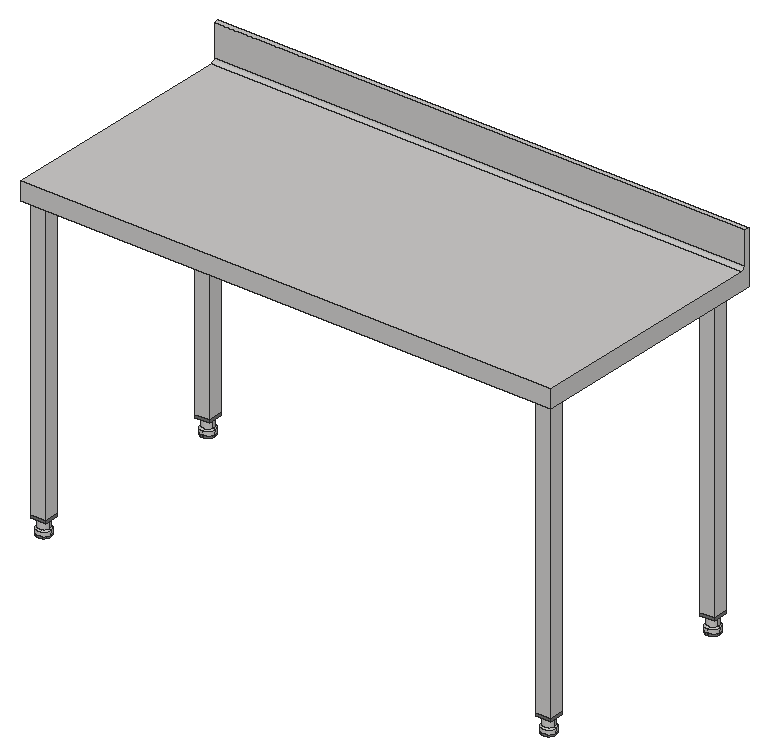
Revit family "QF_ZANUSSI_133234_TG1510N", category Attrezzature speciali, Revit 2020
Family settings
  Quota connettore circolare = Usa diametro
  Tipo di parte = Normale
  Basato su piano di lavoro = No
  Sempre verticale = Sì
  Taglio con vuoti quando caricato = No
  Condiviso = No
  Punto di calcolo locali = No
Parameters (values of type "Standard")
  Weight = 48.00 kg
  Watts = 0 W
  Volts = 0 V
  URL Manufacturer = "http://www.zanussiprofessional.com"
  URL = "http://www.zanussiprofessional.com"
  Steam Supply Size = 0 mm
  Steam Supply Minimum Pressure = 0.0 Pa
  Steam Supply Maximum Pressure = 0.0 Pa
  Steam Consumption per Hour = 0
  Refrigeration Suction Line Size = 0.0 mm
  Refrigeration Liquid Line Size = 0.0 mm
  Refrigerant Compressor Remote = yes
  Prospetto di default = 0.0 mm
  Produttore = "Zanussi"
  Phase = 0
  Modello = "TG1510N"
  Length Actual = 1500.0 mm  # constant formula
  Item Number = "133234"
  Hot Water Size = 0 mm
  Height Actual = 1000.0 mm  # constant formula
  HP = "0 HP"
  Gas Size = 0 mm
  Gas KW = 0
  Gas Input Pressure = 0 W
  Direct Waste Size = 0 mm
  Descrizione = "WORK TABLE WITH UPSTAND 1500 MM"
  Depth Actual = 700.0 mm  # constant formula
  Cycle = 0 Hz
  Condensate Return Size = 0 mm
  Compressed Air Volume = 0.0 L/s
  Compressed Air Size = 0 mm
  Compressed Air Pressure = 0.0 Pa
  Cold Water Size = 0 mm
  Accessory = yes
Reference planes
  plane 1 "Center (Front/Back)": y = 0
  plane 2: z = 0
  plane 3 "Center (Left/Right)": x = -250
  plane 4 "LEFT": x = -1000
  plane 5 "RIGHT": x = 500
  plane 6 "BACK": y = 350
  plane 7 "FRONT": y = -350
  plane 8 "Base": z = 850
  plane 9 "TOP": z = 900
  plane 10: x = -964.5
  plane 11: x = 464.5
  plane 12: y = 269.5
  plane 13: y = -310.5
Forms (mm)
  Extrusion 1, solid, material "QF_Finishes_Stainless Steel"
    sketch origin (-250, 0, 0) x (0, 1, 0) y (0, 0, 1)
      loop
        line (-350, 850) -> (350, 850) -> (350, 1000) -> (337, 1000) -> (337, 910)
        arc (337, 910) -> (334.071, 902.929) -> (327, 900) r 10
        line (327, 900) -> (-350, 900) -> (-350, 850)
    from 750 to -750
Lines and regions (mm)
  symbolic lines
    curve 1: line (500, 350, 900) -> (-1000, 350, 900)
    curve 2: line (-1000, 350, 900) -> (-1000, -350, 900)
    curve 3: line (-1000, -350, 900) -> (500, -350, 900)
    curve 4: line (500, -350, 900) -> (500, 350, 900)
    curve 5: line (500, 337, 900) -> (-1000, 337, 900)
Dimensions and locks
  plane 4 "LEFT" to plane 5 "RIGHT" = 1500.0 mm
  equal spacing: plane 4 "LEFT", plane 3 "Center (Left/Right)", plane 5 "RIGHT"
  locked: plane 8 "Base" to level at 850
  plane 4 "LEFT" to plane 10 = 35.5 mm
  plane 11 to plane 5 "RIGHT" = 35.5 mm
  plane 10 to plane 11 = 1429.0 mm
  locked: Extrusion 1 to level at 1000
  plane 9 "TOP" to level = 900.0 mm
  plane 6 "BACK" to plane 12 = 80.5 mm
  plane 13 to plane 7 "FRONT" = 39.5 mm
  plane 6 "BACK" to plane 7 "FRONT" = 700.0 mm
  plane 12 to plane 13 = 580.0 mm
  equal spacing: plane 6 "BACK", plane 1 "Center (Front/Back)", plane 7 "FRONT"
  aligned and locked: level to plane 2
  aligned and locked: plane 10 to nested 1
  aligned and locked: nested 1 to plane 13
  aligned and locked: plane 11 to nested 2
  aligned and locked: nested 2 to plane 13
  aligned and locked: plane 11 to nested 4
  aligned and locked: nested 4 to plane 12
  aligned and locked: plane 10 to nested 3
  aligned and locked: nested 3 to plane 12
  aligned and locked: Extrusion 1 to plane 4 "LEFT"
  aligned and locked: plane 5 "RIGHT" to Extrusion 1
  aligned and locked: curve 2 to plane 4 "LEFT"
Automatic sketch dimensions
  Extrusion 1 sketch curve to plane 7 "FRONT" = 0.0 mm
  Extrusion 1 sketch curve to plane 9 "TOP" = 0.0 mm
  Extrusion 1 sketch curve to plane 6 "BACK" = 0.0 mm
  Extrusion 1 sketch curve to plane 8 "Base" = 0.0 mm
  plane 9 "TOP" to Extrusion 1 sketch curve = 10.0 mm
  Extrusion 1 sketch curve to plane 6 "BACK" = 13.0 mm
  Extrusion 1 sketch curve to Extrusion 1 sketch curve = 90.0 mm
  curve 3 to plane 7 "FRONT" = 0.0 mm
  curve 5 to plane 5 "RIGHT" = 0.0 mm
  curve 4 to plane 6 "BACK" = 0.0 mm
  curve 5 to plane 6 "BACK" = 13.0 mm
Nested families
  nested 1: "FEET_40x40_APP42" at (-964.5, -310.5, 0), type "FEET_40x40_APP42"
  nested 2: "FEET_40x40_APP42" at (464.5, -310.5, 0), type "FEET_40x40_APP42"
  nested 3: "FEET_40x40_APP42" at (-964.5, 269.5, 0), type "FEET_40x40_APP42"
  nested 4: "FEET_40x40_APP42" at (464.5, 269.5, 0), type "FEET_40x40_APP42"
Definition of nested family "FEET_40x40_APP42"
  Parameters
    Default Elevation = 0.0 mm
    FEET = 850.0 mm
  Reference planes
    plane 1 "Center (Front/Back)": y = 0
    plane 2: z = 0
    plane 3 "Center (Left/Right)": x = 0
    plane 4: z = 850
  Forms (mm)
    Extrusion 1, solid
      sketch origin (0, 0, 0) x (1, 0, 0) y (0, 1, 0)
        loop
          line (-20, -20) -> (20, -20) -> (20, 20) -> (-20, 20) -> (-20, -20)
      from 50 to 845
    Extrusion 2, solid
      sketch origin (0, 0, 0) x (1, 0, 0) y (0, 1, 0)
        loop
          circle (0, 0) r 20
      from 0 to 5
    Extrusion 3, solid
      sketch origin (0, 0, 0) x (1, 0, 0) y (0, 1, 0)
        loop
          line (30, 30) -> (-30, 30) -> (-30, -30) -> (30, -30) -> (30, 30)
      from 845 to 850
    Extrusion 4, solid
      sketch origin (0, 0, 0) x (1, 0, 0) y (0, 1, 0)
        loop
          line (-20, -20) -> (20, -20) -> (20, 20) -> (-20, 20) -> (-20, -20)
      from 50 to 42
    Revolve 5, solid
      sketch origin (0, 0, 0) x (1, 0, 0) y (0, 0, 1)
        loop
          line (0, 42) -> (-15, 42) -> (-15, 20) -> (-20, 15) -> (-20, 5) -> (0, 5) -> (0, 42)
        axis (0, 42) -> (0, 5)
      angle from 0 to 360
  Lines and regions (mm)
    symbolic lines
      curve 1: line (0, -1.503, 0) -> (0, 1.508, 0)
      curve 2: line (1.561, 0, 0) -> (-1.439, 0, 0)
  Dimensions and locks
    "FEET": plane 4 to plane 2
    aligned and locked: level to plane 2
  Automatic sketch dimensions
    plane 1 "Center (Front/Back)" to curve 2 = 0.0 mm
    curve 1 to plane 3 "Center (Left/Right)" = 0.0 mm
    curve 2 to plane 3 "Center (Left/Right)" = 1.439 mm
    plane 3 "Center (Left/Right)" to curve 2 = 1.561 mm
    plane 1 "Center (Front/Back)" to curve 1 = 1.503 mm
    curve 1 to plane 1 "Center (Front/Back)" = 1.508 mm
    Extrusion 1 sketch curve to plane 3 "Center (Left/Right)" = 20.0 mm
    plane 3 "Center (Left/Right)" to Extrusion 1 sketch curve = 20.0 mm
    plane 1 "Center (Front/Back)" to Extrusion 1 sketch curve = 20.0 mm
    Extrusion 1 sketch curve to plane 1 "Center (Front/Back)" = 20.0 mm
    plane 1 "Center (Front/Back)" to Extrusion 2 sketch curve = 0.0 mm
    Extrusion 2 sketch curve to plane 3 "Center (Left/Right)" = 0.0 mm
    Extrusion 3 sketch curve to plane 3 "Center (Left/Right)" = 30.0 mm
    plane 3 "Center (Left/Right)" to Extrusion 3 sketch curve = 30.0 mm
    plane 1 "Center (Front/Back)" to Extrusion 3 sketch curve = 30.0 mm
    Extrusion 3 sketch curve to plane 1 "Center (Front/Back)" = 30.0 mm
    Extrusion 4 sketch curve to plane 3 "Center (Left/Right)" = 20.0 mm
    plane 3 "Center (Left/Right)" to Extrusion 4 sketch curve = 20.0 mm
    plane 1 "Center (Front/Back)" to Extrusion 4 sketch curve = 20.0 mm
    Extrusion 4 sketch curve to plane 1 "Center (Front/Back)" = 20.0 mm
    Revolve 5 sketch curve to plane 3 "Center (Left/Right)" = 0.0 mm  (x2)
    Revolve 5 sketch curve to plane 3 "Center (Left/Right)" = 15.0 mm
    Revolve 5 sketch curve to Revolve 5 sketch curve = 5.0 mm  (x3)
    level to Revolve 5 sketch curve = 5.0 mm
    Revolve 5 sketch curve to Revolve 5 sketch curve = 10.0 mm
    Revolve 5 sketch curve to Revolve 5 sketch curve = 22.0 mm
    Revolve 5 sketch curve to level = 9.561 mm
    radius of Extrusion 2 sketch curve = 20.0 mm
